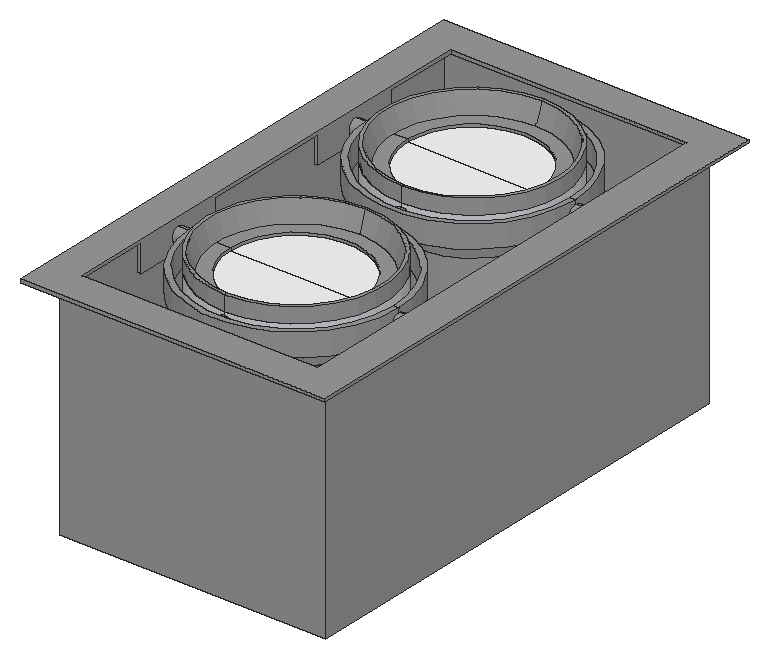
Revit family "0005340", category Lighting Fixtures, host Face, Revit 2017
Family settings
  Host = Face
  Round Connector Dimension = Use Diameter
  Part Type = Normal
  OmniClass Number = 23.80.70.00
  OmniClass Title = Lighting
  Cut with Voids When Loaded = No
  Light Source = No
  Shared = No
  Room Calculation Point = No
Parameters (values of type "0005340+0005334 Ludospot 111 Hous Sqr Rect X2 Cardan WHT + Ludospot 111 3550lm 940 MB")
  WidthTrim_SYL = 347 mm
  WidthCutOut_SYL = 155 mm
  WidthBox_SYL = 170 mm
  Weight = "n/a"
  Wattage Comments = ""
  WarrantyStartDate [instance] = "n/a"
  WarrantyGuarantorParts = "n/a"
  WarrantyDurationUnit = "n/a"
  WarrantyDurationParts = "n/a"
  WarrantyDescription = "n/a"
  Voltage = 230 V
  URL = "http://www.sylvania-lighting.com"
  TypeName = "Ludospot 111 Hous Sqr Rect X2 Cardan WHT + Ludospot 111 3550lm 940 MB"
  TypeLampI_SYL = Ludospot 111 Modules : 0005334 Ludospot 111 3550lm 940 MB
  TypeLampII_SYL = Ludospot 111 Modules : 0005334 Ludospot 111 3550lm 940 MB
  Type Image = <None>
  Type Comments = "n/a"
  TrimHeight_SYL = 2 mm
  SerialNumber [instance] = "n/a"
  RotationOuterRingI_SYL [instance] = 0.00°
  RotationOuterRingII_SYL [instance] = 0.00°
  RotationInnerRingI_SYL [instance] = 0.00°
  RotationInnerRingII_SYL [instance] = 0.00°
  RecessDepth_SYL = 200 mm
  LengthTrim_SYL = 200 mm
  Material_3_SYL = none
  PowerFactor = 0.9
  PowerConsumption = "38 W"
  NominalLength = 347 mm
  NominalHeight = 0 mm
  NominalDepth = 200 mm
  Name = "Ludospot 111 Hous Sqr Rect X2 Cardan WHT + Ludospot 111 3550lm 940 MB"
  ModelReference = Name  # "Ludospot 111 Hous Sqr Rect X2 Cardan WHT + Ludospot 111 3550lm 940 MB"
  ModelNumber = "0005340+0005334"
  Model = Name  # "Ludospot 111 Hous Sqr Rect X2 Cardan WHT + Ludospot 111 3550lm 940 MB"
  Material = "aluminium housing"
  ManufacturerName = "Feilo Sylvania"
  Manufacturer = "Feilo Sylvania"
  LuminousEfficacy = "93 lm/W"
  LuminaireType = ""
  LightOutputRatio = "n/a"
  LengthCutOut_SYL = 302 mm
  LengthBox_SYL = 310 mm
  LampsType = Lamp  # "LED"
  LampNominalLuminous = "3550 lm"
  LampMacAdamStep = "3"
  LampColourTemperature = "4000 K"
  LampColourRenderingIndex = "90"
  Lamp = "LED"
  Keynote = "16500"
  InstallationDate [instance] = "n/a"
  InputVoltage = "220-240 V AC"
  InputNominalFrequency = "50/60 Hz"
  IngressProtection = "IP20"
  ImpactProtectionIndex = "IK03"
  IfcExportType = "IfcLightFixtureType"
  IfcExportAs = "IfcLightFixtureType"
  HolderLength_SYL = 60 mm
  EndAngleOuterRingI_SYL [instance] = RotationOuterRingI_SYL + 180.00°  # 180.00°
  EndAngleOuterRingII_SYL [instance] = RotationOuterRingII_SYL + 180.00°  # 180.00°
  ElectricShockClassification = "Class II"
  DocumentationLiterature = "http://www.sylvania-lighting.com/product/en-int/products/0005340"
  DistanceAxis_SYL = 145 mm
  DimmingControlOptions = "n/a"
  Material_2_SYL = none
  Description = ""
  Default Elevation = 1219.2 mm
  CreatedOn = "7/29/2019"
  CreatedBy = "@sylvania-lighting.com"
  Cost = 0
  built-in parameter 1114216 [instance] = (empty or 0)
  ClassificationValue = "EF_70_80"
  ClassificationName = "Uniclass2015"
  Material_1_SYL = Aluminum
  BarCode [instance] = "n/a"
  AssetType = "Fixed"
  AssetIdentifier [instance] = "n/a"
  Assembly Code = "D5020200"
  Apparent Load = 0 VA
  Material_4_SYL = none
Types (4, lengths in mm): name | TypeName | TypeLampI_SYL | TypeLampII_SYL | PowerConsumption | Name | ModelReference | ModelNumber | Model | LuminousEfficacy | LampNominalLuminous | LampColourTemperature
  0005340+0005334 Ludospot 111 Hous Sqr Rect X2 Cardan WHT + Ludospot 111 3550lm 940 MB | "Ludospot 111 Hous Sqr Rect X2 Cardan WHT + Ludospot 111 3550lm 940 MB" | Ludospot 111 Modules : 0005334 Ludospot 111 3550lm 940 MB | Ludospot 111 Modules : 0005334 Ludospot 111 3550lm 940 MB | "38 W" | "Ludospot 111 Hous Sqr Rect X2 Cardan WHT + Ludospot 111 3550lm 940 MB" | "Ludospot 111 Hous Sqr Rect X2 Cardan WHT + Ludospot 111 3550lm 940 MB" | "0005340+0005334" | "Ludospot 111 Hous Sqr Rect X2 Cardan WHT + Ludospot 111 3550lm 940 MB" | "93 lm/W" | "3550 lm" | "4000 K"
  0005340+0005333 Ludospot 111 Hous Sqr Rect X2 Cardan WHT + Ludospot 111 3500lm 930 MB | "Ludospot 111 Hous Sqr Rect X2 Cardan WHT + Ludospot 111 3500lm 930 MB" | Ludospot 111 Modules : 0005333 Ludospot 111 3500lm 930 MB | Ludospot 111 Modules : 0005333 Ludospot 111 3500lm 930 MB | "38 W" | "Ludospot 111 Hous Sqr Rect X2 Cardan WHT + Ludospot 111 3500lm 930 MB" | "Ludospot 111 Hous Sqr Rect X2 Cardan WHT + Ludospot 111 3500lm 930 MB" | "0005340+0005333" | "Ludospot 111 Hous Sqr Rect X2 Cardan WHT + Ludospot 111 3500lm 930 MB" | "92 lm/W" | "3500 lm" | "3000 K"
  0005340+0005332 Ludospot 111 Hous Sqr Rect X2 Cardan WHT + Ludospot 111 2225lm 940 MB | "Ludospot 111 Hous Sqr Rect X2 Cardan WHT + Ludospot 111 2225lm 940 MB" | Ludospot 111 Modules : 0005332 Ludospot 111 2225lm 940 MB | Ludospot 111 Modules : 0005332 Ludospot 111 2225lm 940 MB | "24 W" | "Ludospot 111 Hous Sqr Rect X2 Cardan WHT + Ludospot 111 2225lm 940 MB" | "Ludospot 111 Hous Sqr Rect X2 Cardan WHT + Ludospot 111 2225lm 940 MB" | "0005340+0005332" | "Ludospot 111 Hous Sqr Rect X2 Cardan WHT + Ludospot 111 2225lm 940 MB" | "93 lm/W" | "2225 lm" | "4000 K"
  0005340+0005331 Ludospot 111 Hous Sqr Rect X2 Cardan WHT + Ludospot 111 2025lm 930 MB | "Ludospot 111 Hous Sqr Rect X2 Cardan WHT + Ludospot 111 2025lm 930 MB" | Ludospot 111 Modules : 0005331 Ludospot 111 2025lm 930 MB | Ludospot 111 Modules : 0005331 Ludospot 111 2025lm 930 MB | "24 W" | "Ludospot 111 Hous Sqr Rect X2 Cardan WHT + Ludospot 111 2025lm 930 MB" | "Ludospot 111 Hous Sqr Rect X2 Cardan WHT + Ludospot 111 2025lm 930 MB" | "0005340+0005331" | "Ludospot 111 Hous Sqr Rect X2 Cardan WHT + Ludospot 111 2025lm 930 MB" | "84 lm/W" | "2025 lm" | "3000 K"
Reference planes
  plane 1 "Center (Front/Back)": y = 0
  plane 2: z = 0
  plane 3 "Center (Left/Right)": x = 0
  plane 4: z = -200
  plane 5: x = -100
  plane 6: z = 2
  plane 7: x = 100
  plane 8: y = 173.5
  plane 9: y = -173.5
  plane 10: x = -85
  plane 11: x = 85
  plane 12: y = 155
  plane 13: y = -155
  plane 14: y = -42.5
  plane 15: y = -102.5
  plane 16: x = 77.5
  plane 17: x = -77.5
  plane 18: y = 151
  plane 19: y = -151
  plane 20: z = -151
  plane 21: z = -149
  plane 22: x = -79.5
  plane 23: x = 79.5
  plane 24: z = -18
  plane 25: z = -8
  plane 26: y = -72.5
  plane 27: y = 102.5
  plane 28: y = 42.5
  plane 29: y = 72.5
Forms (mm)
  Extrusion 1, solid, material "Aluminum" <- "Material_1_SYL"
    sketch origin (0, 0, 0) x (1, 0, 0) y (0, 1, 0)
      loop
        line (-100, 173.5) -> (-100, -173.5) -> (100, -173.5) -> (100, 173.5) -> (-100, 173.5)
    from 0 to 2
  Extrusion 2, void
    sketch origin (0, 0, 0) x (1, 0, 0) y (0, 1, 0)
      loop
        line (-85, 155) -> (-85, -155) -> (85, -155) -> (85, 155) -> (-85, 155)
    from 0 to -200
  Extrusion 3, void
    sketch origin (0, 0, 0) x (1, 0, 0) y (0, 1, 0)
      loop
        line (-77.5, 151) -> (-77.5, -151) -> (77.5, -151) -> (77.5, 151) -> (-77.5, 151)
    from 0 to 2
  Extrusion 4, solid, material "Aluminum" <- "Material_1_SYL"
    sketch origin (0, 0, 0) x (1, 0, 0) y (0, 1, 0)
      loop
        line (-85, 155) -> (-85, -155) -> (85, -155) -> (85, 155) -> (-85, 155)
      loop
        line (-87, 157) -> (-87, -157) -> (87, -157) -> (87, 157) -> (-87, 157)
    from 0 to -151
  Extrusion 5, solid, material "Aluminum" <- "Material_1_SYL"
    sketch origin (178.584, -4572, -151) x (0, -1, 0) y (-1, 0, 0)
      loop
        line (-4727, 263.584) -> (-4727, 93.584) -> (-4417, 93.584) -> (-4417, 263.584) -> (-4727, 263.584)
    from 0 to -2
  Extrusion 6, solid, material "Aluminum" <- "Material_1_SYL"
    sketch origin (0, 0, 0) x (1, 0, 0) y (0, 1, 0)
      loop
        line (-77.5, -42.5) -> (-79.5, -42.5) -> (-79.5, -102.5) -> (-77.5, -102.5) -> (-77.5, -42.5)
      loop
        line (77.5, -42.5) -> (77.5, -102.5) -> (79.5, -102.5) -> (79.5, -42.5) -> (77.5, -42.5)
      loop
        line (-79.5, 42.5) -> (-77.5, 42.5) -> (-77.5, 102.5) -> (-79.5, 102.5) -> (-79.5, 42.5)
      loop
        line (79.5, 42.5) -> (79.5, 102.5) -> (77.5, 102.5) -> (77.5, 42.5) -> (79.5, 42.5)
    from 0 to -18
  Revolve 7, solid, not visible
    sketch origin (178.584, -4572, -8) x (0, -1, 0) y (1, 0, 0)
      loop
        line (-4499.5, -178.584) -> (-4509.5, -178.584) -> (-4509.5, -203.584) -> (-4499.5, -203.584) -> (-4499.5, -178.584)
      axis (-4499.5, -178.584) -> (-4499.5, -203.584)
    angle from 0 <- "RotationOuterRingI_SYL" to 180 <- "EndAngleOuterRingI_SYL"
  Revolve 8, solid
    sketch origin (178.584, -4572, -8) x (0, -1, 0) y (1, 0, 0)
      loop
        line (-4644.5, -178.584) -> (-4654.5, -178.584) -> (-4654.5, -203.584) -> (-4644.5, -203.584) -> (-4644.5, -178.584)
      axis (-4644.5, -178.584) -> (-4644.5, -203.584)
    angle from 0 <- "RotationOuterRingII_SYL" to 180 <- "EndAngleOuterRingII_SYL"
Cuts and joins
  Extrusion 2, Extrusion 3 cuts Extrusion 1
  joined: Extrusion 1, Extrusion 6
  joined: Extrusion 4, Extrusion 5
Dimensions and locks
  equal spacing: host sketch curve, plane 1 "Center (Front/Back)", host sketch curve
  equal spacing: host sketch curve, plane 3 "Center (Left/Right)", host sketch curve
  "RecessDepth_SYL": plane 2 to plane 4
  "TrimHeight_SYL": plane 6 to plane 2
  equal spacing: plane 5, plane 3 "Center (Left/Right)", plane 7
  "LengthTrim_SYL": plane 5 to plane 7
  equal spacing: plane 9, plane 1 "Center (Front/Back)", plane 8
  "WidthTrim_SYL": plane 9 to plane 8
  equal spacing: plane 10, plane 3 "Center (Left/Right)", plane 11
  "WidthBox_SYL": plane 10 to plane 11
  equal spacing: plane 13, plane 1 "Center (Front/Back)", plane 12
  "LengthBox_SYL": plane 13 to plane 12
  equal spacing: plane 17, plane 3 "Center (Left/Right)", plane 16
  "WidthCutOut_SYL": plane 17 to plane 16
  equal spacing: plane 19, plane 1 "Center (Front/Back)", plane 18
  "LengthCutOut_SYL": plane 19 to plane 18
  locked: plane 2 to plane 20 at 151
  Extrusion 5 sketch curve to Extrusion 5 sketch curve to plane 7 = 170 mm, 15 mm
  locked: plane 21 to plane 20 at 2
  equal spacing: plane 22, plane 3 "Center (Left/Right)", plane 23
  locked: plane 22 to plane 17 at 2
  locked: plane 6 to plane 24 at 20
  equal spacing: plane 6, plane 25, plane 24
  equal spacing: plane 15, plane 26, plane 14
  "HolderLength_SYL": plane 15 to plane 14
  equal spacing: plane 28, plane 29, plane 27
  "HolderLength_SYL": plane 28 to plane 27
  equal spacing: plane 26, plane 1 "Center (Front/Back)", plane 29
  "DistanceAxis_SYL": plane 26 to plane 29
  aligned and locked: plane 2 to host face
  aligned and locked: level to host face
  aligned and locked: plane 8 to Extrusion 1 sketch curve
  aligned and locked: plane 5 to Extrusion 1 sketch curve
  aligned and locked: Extrusion 1 sketch curve to plane 9
  aligned and locked: Extrusion 1 sketch curve to plane 7
  aligned and locked: Extrusion 1 to plane 6
  aligned and locked: Extrusion 1 to level
  aligned and locked: plane 12 to Extrusion 2 sketch curve
  aligned and locked: plane 10 to Extrusion 2 sketch curve
  aligned and locked: Extrusion 2 sketch curve to plane 13
  aligned and locked: Extrusion 2 sketch curve to plane 11
  aligned and locked: plane 4 to Extrusion 2
  aligned and locked: level to Extrusion 2
  aligned and locked: plane 18 to Extrusion 3 sketch curve
  aligned and locked: plane 17 to Extrusion 3 sketch curve
  aligned and locked: Extrusion 3 sketch curve to plane 19
  aligned and locked: Extrusion 3 sketch curve to plane 16
  aligned and locked: Extrusion 3 to plane 6
  aligned and locked: Extrusion 3 to level
  aligned and locked: level to Extrusion 4
  aligned and locked: plane 12 to Extrusion 4 sketch curve
  aligned and locked: plane 10 to Extrusion 4 sketch curve
  aligned and locked: Extrusion 4 sketch curve to plane 13
  aligned and locked: Extrusion 4 sketch curve to plane 11
  aligned and locked: plane 20 to Extrusion 4
  aligned and locked: plane 2 to Extrusion 4
  aligned and locked: plane 12 to Extrusion 5 sketch curve
  aligned and locked: Extrusion 5 sketch curve to plane 13
  aligned and locked: Extrusion 5 to plane 21
  aligned and locked: Extrusion 4 to Extrusion 5
  aligned and locked: Extrusion 6 sketch curve to plane 14
  aligned and locked: plane 17 to Extrusion 6 sketch curve  (x2)
  aligned and locked: plane 15 to Extrusion 6 sketch curve
  aligned and locked: Extrusion 6 sketch curve to plane 22  (x2)
  aligned and locked: plane 14 to Extrusion 6 sketch curve
  aligned and locked: plane 16 to Extrusion 6 sketch curve  (x2)
  aligned and locked: Extrusion 6 sketch curve to plane 15
  aligned and locked: Extrusion 6 sketch curve to plane 23  (x2)
  aligned and locked: plane 24 to Extrusion 6
  aligned and locked: level to Extrusion 6
  aligned and locked: plane 3 "Center (Left/Right)" to Revolve 7 sketch curve
  aligned and locked: Revolve 7 sketch curve to plane 26
  aligned and locked: Revolve 7 sketch curve to Revolve 7 sketch curve
  aligned and locked: plane 28 to Extrusion 6 sketch curve
  aligned and locked: Extrusion 6 sketch curve to plane 27
  aligned and locked: Extrusion 6 sketch curve to plane 28
  aligned and locked: plane 27 to Extrusion 6 sketch curve
  aligned and locked: Revolve 8 sketch curve to plane 29
Automatic sketch dimensions
  Extrusion 4 sketch curve to plane 10 = 2 mm
  plane 11 to Extrusion 4 sketch curve = 2 mm
  plane 13 to Extrusion 4 sketch curve = 2 mm
  Extrusion 4 sketch curve to plane 12 = 2 mm
  Revolve 7 sketch curve to plane 26 = 10 mm
  Revolve 7 sketch curve to plane 3 "Center (Left/Right)" = 25 mm
  Revolve 7 sketch curve to plane 5 = 1424 mm
  plane 7 to Revolve 7 sketch curve = 1424 mm
  Revolve 8 sketch curve to plane 3 "Center (Left/Right)" = 0 mm
  plane 29 to Revolve 8 sketch curve = 0 mm
  Revolve 8 sketch curve to Revolve 8 sketch curve = 10 mm
  Revolve 8 sketch curve to Revolve 8 sketch curve = 25 mm
  Revolve 8 sketch curve to plane 5 = 1424 mm
  plane 7 to Revolve 8 sketch curve = 1424 mm
Nested families
  nested 1: "0005340_outer_ring" at (0, -72.5, -8) x (-1, 0, 0) z (0, 0, 1), RotationInnerRing_SYL <- "RotationInnerRingI_SYL", type "Type 1"
    with WarrantyStartDate "n/a", SerialNumber "n/a", RotationInnerRing_SYL 0.00°, InstallationDate "n/a", EndAngleInnerRing_SYL 180.00°, built-in parameter 1114216 (empty or 0), BarCode "n/a", AssetIdentifier "n/a"
  nested 2: "0005340_inner_ring" at (0, -72.5, -8) x (0, 1, 0) z (0, 0, -1), type "Type 1"
    with WarrantyStartDate "n/a", SerialNumber "n/a", InstallationDate "n/a", built-in parameter 1114216 (empty or 0), BarCode "n/a", AssetIdentifier "n/a"
  nested 3: "Ludospot 111 Modules" at (0, -72.5, -3.75), type <- "TypeLampI_SYL", type "0005334 Ludospot 111 3550lm 940 MB"
    with WarrantyStartDate "n/a", SerialNumber "n/a", InstallationDate "n/a", built-in parameter 1114216 (empty or 0), BarCode "n/a", AssetIdentifier "n/a"
  nested 4: "0005340_outer_ring" at (0, 72.5, -8) x (-1, 0, 0) z (0, 0, 1), RotationInnerRing_SYL <- "RotationInnerRingII_SYL", type "Type 1"
    with WarrantyStartDate "n/a", SerialNumber "n/a", RotationInnerRing_SYL 0.00°, InstallationDate "n/a", EndAngleInnerRing_SYL 180.00°, built-in parameter 1114216 (empty or 0), BarCode "n/a", AssetIdentifier "n/a"
  nested 5: "0005340_inner_ring" at (0, 72.5, -8) x (0, -1, 0) z (0, 0, -1), type "Type 1"
    with WarrantyStartDate "n/a", SerialNumber "n/a", InstallationDate "n/a", built-in parameter 1114216 (empty or 0), BarCode "n/a", AssetIdentifier "n/a"
  nested 6: "Ludospot 111 Modules" at (0, 72.5, -3.75) x (-1, 0, 0) z (0, 0, 1), type <- "TypeLampII_SYL", type "0005334 Ludospot 111 3550lm 940 MB"
    with WarrantyStartDate "n/a", SerialNumber "n/a", InstallationDate "n/a", built-in parameter 1114216 (empty or 0), BarCode "n/a", AssetIdentifier "n/a"
Definition of nested family "0005340_outer_ring"
  Parameters (values of type "Type 1")
    Wattage Comments = ""
    WarrantyStartDate [instance] = "n/a"
    WarrantyGuarantorParts = "n/a"
    WarrantyDurationUnit = "n/a"
    WarrantyDurationParts = "n/a"
    WarrantyDescription = "n/a"
    URL = "http://www.sylvania-lighting.com"
    TypeName = ""
    Type Image = (empty or 0)
    Type Comments = "n/a"
    SerialNumber [instance] = "n/a"
    RotationInnerRing_SYL [instance] = 0.00°
    Material_3_SYL = none
    NominalLength = 110 mm
    NominalHeight = 0 mm
    NominalDepth = 110 mm
    Name = ""
    ModelReference = Name  # ""
    ModelNumber = ""
    Model = Name  # ""
    Material = ""
    ManufacturerName = "Feilo Sylvania"
    Manufacturer = "Feilo Sylvania"
    Lamp = "LED"
    Keynote = "16500"
    InstallationDate [instance] = "n/a"
    IfcExportType = "IfcLightFixtureType"
    IfcExportAs = "IfcLightFixtureType"
    EndAngleInnerRing_SYL [instance] = RotationInnerRing_SYL + 180.00°  # 180.00°
    DocumentationLiterature = ""
    Material_2_SYL = none
    Description = ""
    Default Elevation = 1219.2 mm
    CreatedOn = "7/29/2019"
    CreatedBy = "@sylvania-lighting.com"
    Cost = 0
    built-in parameter 1114216 [instance] = (empty or 0)
    ClassificationValue = "EF_70_80"
    ClassificationName = "Uniclass2015"
    Material_1_SYL = none
    BarCode [instance] = "n/a"
    AssetType = "Fixed"
    AssetIdentifier [instance] = "n/a"
    Assembly Code = "D5020200"
    Apparent Load = 0 VA
    Material_4_SYL = none
  Reference planes
    plane 1 "Center (Front/Back)": y = 0
    plane 2: z = 0
    plane 3 "Center (Left/Right)": x = 0
    plane 4: x = -64
    plane 5: x = -67.5
    plane 6: z = 7.5
    plane 7: z = -7.5
    plane 8: z = 5
    plane 9: z = -5
    plane 10: x = -77.5
    plane 11: x = 67.5
    plane 12: x = 77.5
    plane 13: x = -10
    plane 14: y = 10
  Forms (mm)
    Extrusion 1, solid
      sketch origin (4.2, 0, 0) x (1, 0, 0) y (0, 1, 0)
        loop
          line (-44.2, 40) -> (-44.2, -40) -> (35.8, -40) -> (35.8, 40) -> (-44.2, 40)
      from 0 to -68.017
    Revolve 2, solid, material <- "Material_1_SYL"
      sketch origin (0, 0, 0) x (1, 0, 0) y (0, 0, 1)
        loop
          line (-67.5, 7.5) -> (-67.5, -7.5) -> (-64, -7.5) -> (-64, 7.5) -> (-67.5, 7.5)
        axis (0, 7.5) -> (0, -7.5)
      angle from 360 to 0
    Revolve 3, solid, material <- "Material_1_SYL"
      sketch origin (0, 0, 0) x (1, 0, 0) y (0, 0, 1)
        loop
          line (-67.5, 0) -> (-67.5, 5) -> (-77.5, 5) -> (-77.5, 0) -> (-67.5, 0)
        loop
          line (77.5, 0) -> (77.5, 5) -> (67.5, 5) -> (67.5, 0) -> (77.5, 0)
        axis (-77.5, 0) -> (77.5, 0)
      angle from 360 to 0
    Revolve 4, solid
      sketch origin (0, 0, 0) x (1, 0, 0) y (0, 1, 0)
        loop
          line (0, 10) -> (-10, 10) -> (-10, 0) -> (0, 0) -> (0, 10)
        axis (0, 10) -> (0, 0)
      angle from 0 <- "RotationInnerRing_SYL" to 180 <- "EndAngleInnerRing_SYL"
  Dimensions and locks
    equal spacing: Extrusion 1 sketch curve, plane 1 "Center (Front/Back)", Extrusion 1 sketch curve
    equal spacing: Extrusion 1 sketch curve, plane 3 "Center (Left/Right)", Extrusion 1 sketch curve
    locked: plane 3 "Center (Left/Right)" to plane 4 at 64
    equal spacing: plane 6, plane 2, plane 7
    locked: plane 6 to plane 7 at 15
    equal spacing: plane 8, plane 2, plane 9
    locked: plane 8 to plane 9 at 10
    equal spacing: plane 11, plane 3 "Center (Left/Right)", plane 5
    locked: plane 11 to plane 5 at 135
    equal spacing: plane 12, plane 3 "Center (Left/Right)", plane 10
    locked: plane 5 to plane 10 at 10
    locked: plane 1 "Center (Front/Back)" to plane 14 at 10
    locked: plane 13 to plane 3 "Center (Left/Right)" at 10
    aligned and locked: plane 2 to Extrusion 1
    aligned and locked: level to Extrusion 1
    aligned and locked: Revolve 2 sketch curve to plane 3 "Center (Left/Right)"
    aligned and locked: plane 5 to Revolve 2 sketch curve
    aligned and locked: Revolve 2 sketch curve to plane 6
    aligned and locked: plane 7 to Revolve 2 sketch curve
    aligned and locked: Revolve 2 sketch curve to plane 4
    aligned and locked: level to Revolve 3 sketch curve  (x2)
    aligned and locked: Revolve 3 sketch curve to plane 5
    aligned and locked: Revolve 3 sketch curve to plane 8  (x2)
    aligned and locked: plane 10 to Revolve 3 sketch curve
    aligned and locked: Revolve 3 sketch curve to plane 2
    aligned and locked: Revolve 3 sketch curve to plane 12
    aligned and locked: plane 11 to Revolve 3 sketch curve
    aligned and locked: plane 14 to Revolve 4 sketch curve
    aligned and locked: Revolve 4 sketch curve to plane 3 "Center (Left/Right)"  (x2)
    aligned and locked: Revolve 4 sketch curve to plane 1 "Center (Front/Back)"
    aligned and locked: plane 13 to Revolve 4 sketch curve
  Automatic sketch dimensions
    Revolve 2 sketch curve to plane 7 = 602.1 mm
    plane 6 to Revolve 2 sketch curve = 2601.558 mm
    Revolve 3 sketch curve to plane 10 = 1446.5 mm
    plane 12 to Revolve 3 sketch curve = 1582.273 mm
    Revolve 4 sketch curve to Revolve 4 sketch curve = 1524 mm
    Revolve 4 sketch curve to plane 14 = 1514 mm
Definition of nested family "0005340_inner_ring"
  Parameters (values of type "Type 1")
    h = 14.5 mm
    Wattage Comments = ""
    WarrantyStartDate [instance] = "n/a"
    WarrantyGuarantorParts = "n/a"
    WarrantyDurationUnit = "n/a"
    WarrantyDurationParts = "n/a"
    WarrantyDescription = "n/a"
    URL = "http://www.sylvania-lighting.com"
    TypeName = ""
    Type Image = (empty or 0)
    Type Comments = "n/a"
    SerialNumber [instance] = "n/a"
    Material_3_SYL = none
    NominalLength = 110 mm
    NominalHeight = 0 mm
    NominalDepth = 110 mm
    Name = ""
    ModelReference = Name  # ""
    ModelNumber = ""
    Model = Name  # ""
    Material = ""
    ManufacturerName = "Feilo Sylvania"
    Manufacturer = "Feilo Sylvania"
    Lamp = "LED"
    Keynote = "16500"
    InstallationDate [instance] = "n/a"
    IfcExportType = "IfcLightFixtureType"
    IfcExportAs = "IfcLightFixtureType"
    DocumentationLiterature = ""
    Material_2_SYL = none
    Description = ""
    Default Elevation = 1219.2 mm
    CreatedOn = "7/29/2019"
    CreatedBy = "@sylvania-lighting.com"
    Cost = 0
    built-in parameter 1114216 [instance] = (empty or 0)
    ClassificationValue = "EF_70_80"
    ClassificationName = "Uniclass2015"
    Material_1_SYL = none
    BarCode [instance] = "n/a"
    AssetType = "Fixed"
    AssetIdentifier [instance] = "n/a"
    Assembly Code = "D5020200"
    Apparent Load = 0 VA
    Material_4_SYL = none
    21 = 116.5 mm
  Reference planes
    plane 1 "Center (Front/Back)": y = 0
    plane 2: z = 0
    plane 3 "Center (Left/Right)": x = 0
    plane 4: x = -64
    plane 5: x = -58.25
    plane 6: z = 7.25
    plane 7: z = -7.25
    plane 8: z = 5
    plane 9: z = -5
    plane 10: x = 58.25
    plane 11: x = 64
    plane 12: x = -10
    plane 13: y = 10
    plane 14: x = -56.25
    plane 15: z = -17.25
    plane 16: x = -52.05
    plane 17: z = -4.25
    plane 18: x = -53.05
    plane 19: z = 5.25
  Forms (mm)
    Extrusion 1, solid
      sketch origin (4.2, 0, 0) x (1, 0, 0) y (0, 1, 0)
        loop
          line (-44.2, 40) -> (-44.2, -40) -> (35.8, -40) -> (35.8, 40) -> (-44.2, 40)
      from 0 to -68.017
    Revolve 2, solid, material <- "Material_1_SYL"
      sketch origin (0, 0, 0) x (1, 0, 0) y (0, 0, 1)
        loop
          line (-58.25, 0) -> (-58.25, 5) -> (-64, 5) -> (-64, 0) -> (-58.25, 0)
        loop
          line (64, 0) -> (64, 5) -> (58.25, 5) -> (58.25, 0) -> (64, 0)
        axis (-64, 0) -> (64, 0)
      angle from 360 to 0
    Revolve 3, solid
      sketch origin (0, 0, 0) x (1, 0, 0) y (0, 0, 1)
        loop
          line (-58.25, -7.25) -> (-56.25, -7.25) -> (-56.25, 5.25) -> (-53.05, 5.25) -> (-53.05, 7.25) -> (-58.25, 7.25) -> (-58.25, -7.25)
        axis (0, 7.25) -> (0, -7.25)
      angle from 360 to 0
    Revolve 4, solid, material <- "Material_1_SYL"
      sketch origin (0, 0, 0) x (1, 0, 0) y (0, 0, 1)
        loop
          line (-52.05, -4.25) -> (-56.25, -4.25) -> (-56.25, -7.25) -> (-58.25, -7.25) -> (-58.25, -17.25) -> (-56.25, -17.25) -> (-52.05, -4.25)
        axis (0, -4.25) -> (0, -17.25)
      angle from 360 to 0
  Dimensions and locks
    equal spacing: Extrusion 1 sketch curve, plane 1 "Center (Front/Back)", Extrusion 1 sketch curve
    equal spacing: Extrusion 1 sketch curve, plane 3 "Center (Left/Right)", Extrusion 1 sketch curve
    equal spacing: plane 6, plane 2, plane 7
    "h": plane 6 to plane 7
    equal spacing: plane 8, plane 2, plane 9
    locked: plane 8 to plane 9 at 10
    equal spacing: plane 10, plane 3 "Center (Left/Right)", plane 5
    "21": plane 10 to plane 5
    locked: plane 1 "Center (Front/Back)" to plane 13 at 10
    locked: plane 12 to plane 3 "Center (Left/Right)" at 10
    locked: plane 14 to plane 5 at 2
    locked: plane 18 to plane 5 at 5.2
    locked: plane 6 to plane 19 at 2
    plane 11 to plane 3 "Center (Left/Right)" to plane 4 = 64 mm locked, 64 mm locked
    aligned and locked: plane 2 to Extrusion 1
    aligned and locked: level to Extrusion 1
    aligned and locked: level to Revolve 2 sketch curve  (x2)
    aligned and locked: Revolve 2 sketch curve to plane 5
    aligned and locked: Revolve 2 sketch curve to plane 8  (x2)
    aligned and locked: Revolve 2 sketch curve to plane 2
    aligned and locked: Revolve 2 sketch curve to plane 11
    aligned and locked: plane 10 to Revolve 2 sketch curve
    aligned and locked: plane 4 to Revolve 2 sketch curve
    aligned and locked: plane 5 to Revolve 3 sketch curve
    aligned and locked: plane 7 to Revolve 3 sketch curve
    aligned and locked: Revolve 3 sketch curve to plane 14
    aligned and locked: plane 16 to Revolve 4 sketch curve
    aligned and locked: plane 17 to Revolve 4 sketch curve
    aligned and locked: Revolve 4 sketch curve to plane 14
    aligned and locked: Revolve 4 sketch curve to Revolve 3  (x2)
    aligned and locked: Revolve 4 sketch curve to plane 15
    aligned and locked: Revolve 4 sketch curve to plane 3 "Center (Left/Right)"
    aligned and locked: Revolve 3 sketch curve to plane 18
    aligned and locked: plane 19 to Revolve 3 sketch curve
    aligned and locked: Revolve 3 sketch curve to plane 6
  Automatic sketch dimensions
    Revolve 2 sketch curve to plane 4 = 1450.75 mm
    Revolve 2 sketch curve to Revolve 2 sketch curve = 1582.273 mm
    Revolve 4 sketch curve to plane 14 = 0 mm
    Revolve 4 sketch curve to plane 15 = 592.35 mm
    plane 6 to Revolve 4 sketch curve = 2601.808 mm
    Revolve 3 sketch curve to plane 3 "Center (Left/Right)" = 0 mm
    Revolve 3 sketch curve to plane 15 = 592.35 mm
    plane 6 to Revolve 3 sketch curve = 2601.808 mm
Definition of nested family "Ludospot 111 Modules"
  Parameters (values of type "0005331 Ludospot 111 2025lm 930 MB")
    Weight = "n/a"
    Wattage Comments = ""
    Wattage = 24 W
    WarrantyStartDate [instance] = "n/a"
    WarrantyGuarantorParts = "n/a"
    WarrantyDurationUnit = "n/a"
    WarrantyDurationParts = "n/a"
    WarrantyDescription = "n/a"
    built-in parameter 1150110 = 1 (stored number, unit not read)
    Voltage = 230 V
    URL = "http://www.sylvania-lighting.com"
    TypeName = "Ludospot 111 2025lm 930 MB"
    Type Image = (empty or 0)
    Type Comments = "n/a"
    built-in parameter 1114217 = 1 (stored number, unit not read)
    Tilt Angle = -90.00°
    built-in parameter 1150109 = 1 (stored number, unit not read)
    built-in parameter 1150134 = (empty or 0)
    built-in parameter 1150113 = 1 (stored number, unit not read)
    SlopeHeight_SYL = if(S_SYL, 30 mm, 20 mm)  # 30 mm
    SerialNumber [instance] = "n/a"
    S_SYL = yes
    RingHeight_SYL = if(S_SYL, 2.6 mm, 3.6 mm)  # 2.6 mm
    Radius_SYL = 55.5 mm
    RadiusDiff_SYL = 42.8 mm
    Radius4_SYL = if(S_SYL, 52 mm, 47.4 mm)  # 52 mm
    Radius3_SYL = 53.8 mm
    Radius2_SYL = 52.4 mm
    Photometric Web File = "0005331.ies"
    Material_3_SYL = none
    PowerFactor = 0.9
    PowerConsumption = "24 W"
    NominalLength = 111 mm
    NominalHeight = 43 mm
    NominalDepth = 111 mm
    Name = "Ludospot 111 2025lm 930 MB"
    ModelReference = Name  # "Ludospot 111 2025lm 930 MB"
    ModelNumber = "0005331"
    Model = Name  # "Ludospot 111 2025lm 930 MB"
    Material = "aluminium housing"
    ManufacturerName = "Feilo Sylvania"
    Manufacturer = "Feilo Sylvania"
    LuminousEfficacy = "84 lm/W"
    built-in parameter 1150105 = 160.43 (stored number, unit not read)
    Lumens = 2016 lm
    LuminaireType = ""
    built-in parameter 1150115 = 1 (stored number, unit not read)
    LightOutputRatio = "n/a"
    built-in parameter 1150137 = (empty or 0)
    built-in parameter 1150139 = (empty or 0)
    LampsType = Lamp  # "LED"
    LampNominalLuminous = "2025 lm"
    LampMacAdamStep = "3"
    LampColourTemperature = "3000 K"
    LampColourRenderingIndex = "90"
    built-in parameter 1150112 = 1 (stored number, unit not read)
    built-in parameter 1150114 = 1 (stored number, unit not read)
    Lamp = "LED"
    Keynote = "16500"
    InstallationDate [instance] = "n/a"
    InputVoltage = "220-240 V AC"
    InputNominalFrequency = "50/60 Hz"
    built-in parameter 1150132 = (empty or 0)
    built-in parameter 1150102 = (empty or 0)
    built-in parameter 1150107 = 3000 (stored number, unit not read)
    built-in parameter 1150138 = (empty or 0)
    IngressProtection = "IP20"
    ImpactProtectionIndex = "IK03"
    built-in parameter 1150106 = 1.6043 (stored number, unit not read)
    IfcExportType = "IfcLightFixtureType"
    IfcExportAs = "IfcLightFixtureType"
    Height_SYL = if(S_SYL, 42.6 mm, 82.5 mm)  # 42.6 mm
    Emit from Circle Diameter = RadiusDiff_SYL * 2  # 85.6 mm
    Emit Shape Visible in Rendering = no
    ElectricShockClassification = "Class II"
    built-in parameter 1150104 = 7.8039 (stored number, unit not read)
    DocumentationLiterature = "http://www.sylvania-lighting.com/product/en-int/products/0005331"
    DimmingControlOptions = "n/a"
    Material_2_SYL = none
    Dimming Lamp Color Temperature Shift = (empty or 0)
    Description = ""
    Default Elevation = 1219.2 mm
    CreatedOn = "7/29/2019"
    CreatedBy = "@sylvania-lighting.com"
    Cost = 0
    Color Filter = 16777215
    built-in parameter 1114216 [instance] = (empty or 0)
    ClassificationValue = "EF_70_80"
    ClassificationName = "Uniclass2015"
    Material_1_SYL = none
    BarCode [instance] = "n/a"
    built-in parameter 1114218 = 1 (stored number, unit not read)
    built-in parameter 1150133 = 10 (stored number, unit not read)
    AssetType = "Fixed"
    AssetIdentifier [instance] = "n/a"
    Assembly Code = "D5020200"
    Apparent Load = 24 VA
    Material_4_SYL = none
  Types (4, lengths in mm): name | Wattage | TypeName | built-in parameter 1150134 | SlopeHeight_SYL | S_SYL | RingHeight_SYL | Radius4_SYL | Photometric Web File | PowerConsumption | NominalHeight | Name | ModelReference | ModelNumber | Model | LuminousEfficacy | built-in parameter 1150105 | Lumens | LampNominalLuminous | LampColourTemperature | built-in parameter 1150107 | built-in parameter 1150106 | Height_SYL | built-in parameter 1150104 | DocumentationLiterature | Apparent Load
    0005334 Ludospot 111 3550lm 940 MB | 38 W | "Ludospot 111 3550lm 940 MB" | 12 | 20 | no | 3.6 | 47.4 | "0005334.ies" | "38 W" | 80 | "Ludospot 111 3550lm 940 MB" | "Ludospot 111 3550lm 940 MB" | "0005334" | "Ludospot 111 3550lm 940 MB" | "93 lm/W" | 281.23 (stored number, unit not read) | 3534 lm | "3550 lm" | "4000 K" | 4000 (stored number, unit not read) | 2.8123 (stored number, unit not read) | 82.5 | 8.64 (stored number, unit not read) | "http://www.sylvania-lighting.com/product/en-int/products/0005334" | 38 VA
    0005333 Ludospot 111 3500lm 930 MB | 38 W | "Ludospot 111 3500lm 930 MB" | (empty or 0) | 20 | no | 3.6 | 47.4 | "0005333.ies" | "38 W" | 80 | "Ludospot 111 3500lm 930 MB" | "Ludospot 111 3500lm 930 MB" | "0005333" | "Ludospot 111 3500lm 930 MB" | "92 lm/W" | 278.2 (stored number, unit not read) | 3496 lm | "3500 lm" | "3000 K" | 3000 (stored number, unit not read) | 2.782 (stored number, unit not read) | 82.5 | 8.5471 (stored number, unit not read) | "http://www.sylvania-lighting.com/product/en-int/products/0005333" | 38 VA
    0005332 Ludospot 111 2225lm 940 MB | 24 W | "Ludospot 111 2225lm 940 MB" | 12 | 30 | yes | 2.6 | 52 | "0005332.ies" | "24 W" | 43 | "Ludospot 111 2225lm 940 MB" | "Ludospot 111 2225lm 940 MB" | "0005332" | "Ludospot 111 2225lm 940 MB" | "93 lm/W" | 177.62 (stored number, unit not read) | 2232 lm | "2225 lm" | "4000 K" | 4000 (stored number, unit not read) | 1.7762 (stored number, unit not read) | 42.6 | 8.64 (stored number, unit not read) | "http://www.sylvania-lighting.com/product/en-int/products/0005332" | 24 VA
    0005331 Ludospot 111 2025lm 930 MB | 24 W | "Ludospot 111 2025lm 930 MB" | (empty or 0) | 30 | yes | 2.6 | 52 | "0005331.ies" | "24 W" | 43 | "Ludospot 111 2025lm 930 MB" | "Ludospot 111 2025lm 930 MB" | "0005331" | "Ludospot 111 2025lm 930 MB" | "84 lm/W" | 160.43 (stored number, unit not read) | 2016 lm | "2025 lm" | "3000 K" | 3000 (stored number, unit not read) | 1.6043 (stored number, unit not read) | 42.6 | 7.8039 (stored number, unit not read) | "http://www.sylvania-lighting.com/product/en-int/products/0005331" | 24 VA
  Reference planes
    plane 1 "Center (Front/Back)": y = 0
    plane 2: z = 0
    plane 3 "Center (Left/Right)": x = 0
    plane 4: x = -55.5
    plane 5: z = -4.35
    plane 6: x = -52.4
    plane 7: z = -9.75
    plane 8: x = -42.8
    plane 9: z = -1.75
    plane 10: x = -53.8
    plane 11: x = -52
    plane 12: z = -39.75
    plane 13: z = 40.75
    plane 14: z = -42.6
  Forms (mm)
    Extrusion 1, solid
      sketch origin (1119.2, -1119.2, 0) x (1, 0, 0) y (0, 1, 0)
        loop
          line (-1219.2, 1219.2) -> (-1219.2, 1019.2) -> (-1019.2, 1019.2) -> (-1019.2, 1219.2) -> (-1219.2, 1219.2)
      from 0 to -10
    Revolve 2, solid, material <- "Material_1_SYL"
      sketch origin (0, 0, 0) x (1, 0, 0) y (0, 0, 1)
        loop
          line (0, -1.75) -> (-42.8, -1.75) -> (-42.8, 0) -> (-52.4, 0) -> (-52.4, -1.75) -> (-55.5, -1.75) -> (-55.5, -4.35) -> (-53.8, -4.35) -> (-53.8, -9.75) -> (-52, -9.75) -> (-42.8, -39.75) -> (-42.8, -42.6) -> (0, -42.6) -> (0, -1.75)
        axis (0, 0) -> (0, -42.6)
      angle from 360 to 0
  Dimensions and locks
    "Radius_SYL": plane 3 "Center (Left/Right)" to plane 4
    "Radius2_SYL": plane 3 "Center (Left/Right)" to plane 6
    "RadiusDiff_SYL": plane 3 "Center (Left/Right)" to plane 8
    locked: plane 2 to plane 9 at 1.75
    "RingHeight_SYL": plane 9 to plane 5
    locked: plane 5 to plane 7 at 5.4
    "Radius3_SYL": plane 3 "Center (Left/Right)" to plane 10
    "Radius4_SYL": plane 3 "Center (Left/Right)" to plane 11
    "SlopeHeight_SYL": plane 7 to plane 12
    "Height_SYL": level to plane 14
    aligned and locked: plane 2 to Extrusion 1
    aligned and locked: level to Extrusion 1
    aligned and locked: plane 3 "Center (Left/Right)" to imposter light
    aligned and locked: imposter light to plane 1 "Center (Front/Back)"
    aligned and locked: Revolve 2 sketch curve to plane 9  (x2)
    aligned and locked: plane 8 to Revolve 2 sketch curve
    aligned and locked: level to Revolve 2 sketch curve
    aligned and locked: Revolve 2 sketch curve to plane 6
    aligned and locked: Revolve 2 sketch curve to plane 4
    aligned and locked: plane 5 to Revolve 2 sketch curve
    aligned and locked: plane 7 to Revolve 2 sketch curve
    aligned and locked: plane 10 to Revolve 2 sketch curve
    aligned and locked: plane 12 to Revolve 2 sketch curve
    aligned and locked: Revolve 2 sketch curve to plane 8
    aligned and locked: plane 14 to Revolve 2 sketch curve
    aligned and locked: plane 3 "Center (Left/Right)" to Revolve 2 sketch curve
    aligned and locked: Revolve 2 sketch curve to plane 3 "Center (Left/Right)"
    aligned and locked: imposter light to plane 9
  Automatic sketch dimensions
    Extrusion 1 sketch curve to Extrusion 1 sketch curve = 200 mm  (x2)
    plane 11 to Revolve 2 sketch curve = 0 mm
    plane 14 to Revolve 2 sketch curve = 527.1 mm
    Revolve 2 sketch curve to plane 13 = 2568.308 mm
